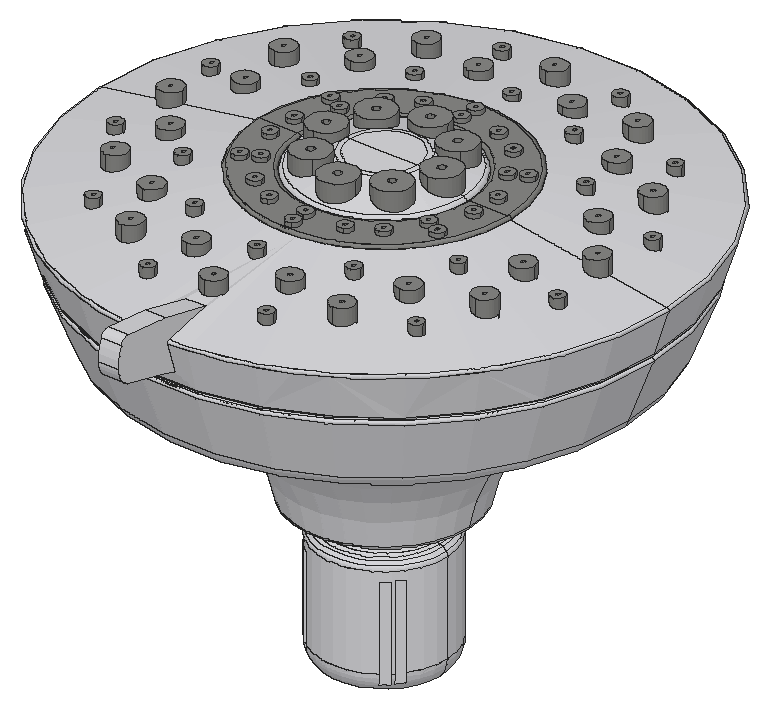
Revit family "Shower-Showerhead-KOHLER-Radiate-K-R75563", category Plumbing Fixtures, host Face, Revit 2015 (continued)
Definition of nested family "K-R75563"
  Lines and regions (in)
    symbolic lines, detail levels medium+fine
      curve 731: spline (0, 0.34864, 0.05275) -> (0, 0.34352, 0.05201) -> (0, 0.33838, 0.05146) -> (0, 0.33324, 0.05109) -> (0, 0.32809, 0.05092) -> (0, 0.32293, 0.05093) -> (0, 0.31778, 0.05114) -> (0, 0.31264, 0.05153) -> (0, 0.30751, 0.05211) -> (0, 0.30239, 0.05288) -> (0, 0.29729, 0.05384) -> (0, 0.29221, 0.05499) -> (0, 0.28716, 0.05632)
      curve 732: spline (0, 0.28716, 0.05632) -> (0, 0.28908, 0.06301) -> (0, 0.29084, 0.06981) -> (0, 0.29245, 0.0767) -> (0, 0.29389, 0.08368) -> (0, 0.29516, 0.09073) -> (0, 0.29627, 0.09784) -> (0, 0.29721, 0.10501) -> (0, 0.29798, 0.11223) -> (0, 0.29858, 0.11949) -> (0, 0.29901, 0.12678) -> (0, 0.29927, 0.13408) -> (0, 0.29935, 0.1414)
      curve 733: line (0, 0.29935, 0.82193) -> (0, 0.36189, 0.82193)
      curve 734: line (0, 0.37462, 0.82193) -> (0, 0.42688, 0.82193)
      curve 735: line (0, 0.52154, 0.14139) -> (0, 0.42704, 0.14139)
      curve 736: line (0, -0.42688, 0.82193) -> (0, -0.42688, 0.1414)
      curve 737: line (0, -0.37462, 0.1414) -> (0, -0.37462, 0.82193)
      curve 738: line (0, -0.29935, 0.1414) -> (0, -0.29935, 0.82193)
      curve 739: spline (0, -0.36189, 0.14139) -> (0, -0.3618, 0.13375) -> (0, -0.36152, 0.12612) -> (0, -0.36105, 0.11851) -> (0, -0.3604, 0.11093) -> (0, -0.35956, 0.1034) -> (0, -0.35854, 0.09592) -> (0, -0.35733, 0.0885) -> (0, -0.35595, 0.08116) -> (0, -0.35438, 0.07391) -> (0, -0.35264, 0.06674) -> (0, -0.35072, 0.05969) -> (0, -0.34864, 0.05275)
      curve 740: line (0, -0.36189, 0.82193) -> (0, -0.36189, 0.14139)
      curve 741: spline (0, -0.35738, 0.04824) -> (0, -0.36009, 0.05548) -> (0, -0.36258, 0.06285) -> (0, -0.36484, 0.07035) -> (0, -0.36688, 0.07796) -> (0, -0.36868, 0.08567) -> (0, -0.37025, 0.09346) -> (0, -0.37158, 0.10134) -> (0, -0.37267, 0.10927) -> (0, -0.37352, 0.11726) -> (0, -0.37413, 0.12528) -> (0, -0.3745, 0.13333) -> (0, -0.37462, 0.1414)
      curve 742: spline (0, -0.42688, 0.1414) -> (0, -0.42677, 0.13355) -> (0, -0.42642, 0.12572) -> (0, -0.42584, 0.11791) -> (0, -0.42503, 0.11013) -> (0, -0.424, 0.1024) -> (0, -0.42273, 0.09473) -> (0, -0.42125, 0.08713) -> (0, -0.41953, 0.07961) -> (0, -0.4176, 0.07218) -> (0, -0.41545, 0.06486) -> (0, -0.41308, 0.05765) -> (0, -0.41051, 0.05056)
      curve 743: spline (0, -0.41051, 0.05056) -> (0, -0.40613, 0.04938) -> (0, -0.40173, 0.04837) -> (0, -0.39731, 0.04754) -> (0, -0.39289, 0.04689) -> (0, -0.38845, 0.04643) -> (0, -0.384, 0.04614) -> (0, -0.37956, 0.04604) -> (0, -0.37511, 0.04612) -> (0, -0.37067, 0.04637) -> (0, -0.36623, 0.04682) -> (0, -0.3618, 0.04744) -> (0, -0.35738, 0.04824)
      curve 744: spline (0, -0.34864, 0.05275) -> (0, -0.34352, 0.05201) -> (0, -0.33838, 0.05146) -> (0, -0.33324, 0.05109) -> (0, -0.32809, 0.05092) -> (0, -0.32293, 0.05093) -> (0, -0.31778, 0.05114) -> (0, -0.31264, 0.05153) -> (0, -0.30751, 0.05211) -> (0, -0.30239, 0.05288) -> (0, -0.29729, 0.05384) -> (0, -0.29221, 0.05499) -> (0, -0.28716, 0.05632)
      curve 745: spline (0, -0.28716, 0.05632) -> (0, -0.28908, 0.06301) -> (0, -0.29084, 0.06981) -> (0, -0.29245, 0.0767) -> (0, -0.29389, 0.08368) -> (0, -0.29516, 0.09073) -> (0, -0.29627, 0.09784) -> (0, -0.29721, 0.10501) -> (0, -0.29798, 0.11223) -> (0, -0.29858, 0.11949) -> (0, -0.29901, 0.12678) -> (0, -0.29927, 0.13408) -> (0, -0.29935, 0.1414)
      curve 746: line (0, -0.29935, 0.82193) -> (0, -0.36189, 0.82193)
      curve 747: line (0, -0.37462, 0.82193) -> (0, -0.42688, 0.82193)
      curve 748: line (0, -0.52154, 0.14139) -> (0, -0.42688, 0.14139)
      curve 749: line (0, -0.29935, 0.1414) -> (0, 0.29935, 0.1414)
      curve 750: arc (0.08465, 0, 3.60295) -> (-0.0015, 0, 3.64996) -> (-0.08465, 0, 3.59784) r 0.09712
      curve 751: line (0.08465, 0, 3.60295) -> (0.08465, 0, 3.55001)
      curve 752: line (-0.08465, 0, 3.59784) -> (-0.08465, 0, 3.55001)
      curve 753: line (-0.08465, 0, 3.55001) -> (0.08465, 0, 3.55001)
      curve 754: line (-0.30199, 0, 3.60295) -> (-0.08218, 0, 3.60295)
      curve 755: line (0.30199, 0, 3.60295) -> (0.08465, 0, 3.60295)
      curve 756: line (0.14554, 0, 3.64873) -> (0.14554, 0, 3.60295)
      curve 757: line (0.19067, 0, 3.64158) -> (0.19067, 0, 3.60295)
      curve 758: line (-0.14554, 0, 3.64873) -> (-0.14554, 0, 3.60295)
      curve 759: line (-0.19067, 0, 3.64158) -> (-0.19067, 0, 3.60295)
      curve 760: line (-0.08465, 0, 3.55001) -> (-0.02816, 0, 3.33918)
      curve 761: line (0.08465, 0, 3.55001) -> (0.02816, 0, 3.33918)
  Dimensions and locks (in)
    locked: plane 4 to plane 5 at 4.6875
    locked: plane 6 to plane 7 at 4.6875
    locked: plane 8 to level at 3.75
    locked: plane 9 to plane 7 at 5.1875
    aligned and locked: plane 2 to level
Types (3): name | Type | Model | Finish
  (no name) | 1 | "K-R75563-G-CP" | Kohler-Metal-CP-Polished_Chrome
  CP-Polished Chrome | 1 | "K-R75563-G-CP" | Kohler-Metal-CP-Polished_Chrome
  BN-Vibrant Brushed Nickel | 2 | "K-R75563-G-BN" | Kohler-Metal-BN-Vibrant_Brushed_Nickel
